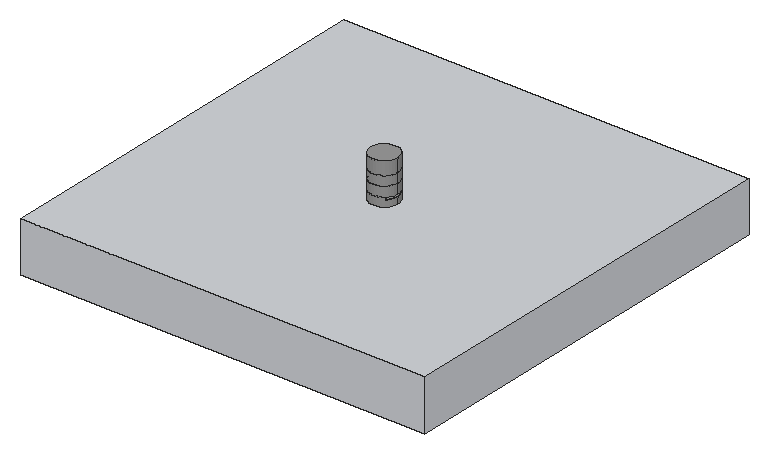
Revit family "LAMP_B-SIDE 360 250", category Luminarias, Revit 2015
Parameters (values of type "451LM 4000 BLACK")
  Ángulo de inclinación = 90.00°
  Weight = 3.62 kg
  Wattage = 10 W
  Type = "COB PHILIPS"
  built-in parameter 1150107 = 4000 (stored number, unit not read)
  built-in parameter 1150110 = 1 (stored number, unit not read)
  built-in parameter 1150109 = 1 (stored number, unit not read)
  built-in parameter 1150112 = 1 (stored number, unit not read)
  built-in parameter 1150113 = 1 (stored number, unit not read)
  built-in parameter 1114218 = 1 (stored number, unit not read)
  Protection rating = "IP65 / IK06"
  Product datasheet = "http://www.lamp.es/product-files/TECH/BS1RD2510840NA-EN.pdf"
  Product code = "BS1RD2510840NA"
  Product URL = "https://www.lamp.es/en/family/b-side_33457"
  Power Supply = "220-240V 50-60Hz"
  Power = 8 W
  Plum = 10 W
  built-in parameter 1150137 = (empty or 0)
  built-in parameter 1150132 = 2
  Modelo = Product code  # "BS1RD2510840NA"
  Material cristal = LAMP_Cristal B-Side Transparente
  Material = LAMP_Aluminio B-Side antracita
  Manufacturer name = "LAMP"
  Manufacturer country = "Spain"
  Manufacturer URL = "http://www.lamp.es/en"
  MacAdam = "3"
  Lámpara = "COB LED"
  Luminaire type = "Outdoor - Beacon"
  Last update = "21/12/2020"
  LED Lifetime = "50000 L90 B10"
  built-in parameter 1150105 = 35.889 (stored number, unit not read)
  built-in parameter 1150102 = (empty or 0)
  Insulation class = "I"
  Installation instructions = "https://www.lamp.es/product-files/INS/1004000-B-INSTR.%20B-SIDE%20LED%20360.pdf"
  built-in parameter 1150106 = 0.35889 (stored number, unit not read)
  IEE = "A++"
  Height = 250 mm
  Gear = "Electronic"
  Lumens = 451 lm
  Finish = "Textured anthracite grey"
  Color Filter = 16777215
  built-in parameter 1114217 = 1 (stored number, unit not read)
  built-in parameter 1150139 = (empty or 0)
  Fabricante = Manufacturer name  # "LAMP"
  Default Elevation = 1219.2 mm
  built-in parameter 1150104 = 4.1899 (stored number, unit not read)
  Efficacy = 45.1 lm/W
  Diameter = 160 mm
  Descripción = "B-SIDE 360º LED 250 1000 NW ANT."
  built-in parameter 1150115 = 1 (stored number, unit not read)
  built-in parameter 1150114 = 1 (stored number, unit not read)
  built-in parameter 1150138 = (empty or 0)
  built-in parameter 1150134 = 3
  Dimming Lamp Color Temperature Shift = (empty or 0)
  CRI = "80"
  Archivo de red fotométrica = "5841344.IES"
  built-in parameter 1150133 = 10 (stored number, unit not read)
Types (2, lengths in mm): name | Product datasheet | Product code | Modelo | Material | Finish | Descripción | Archivo de red fotométrica
  451LM 4000 BLACK | "http://www.lamp.es/product-files/TECH/BS1RD2510840NA-EN.pdf" | "BS1RD2510840NA" | "BS1RD2510840NA" | LAMP_Aluminio B-Side antracita | "Textured anthracite grey" | "B-SIDE 360º LED 250 1000 NW ANT." | "5841344.IES"
  451LM 4000 GREY | "http://www.lamp.es/product-files/TECH/BS1RD2510840NG-EN.pdf" | "BS1RD2510840NG" | "BS1RD2510840NG" | LAMP_Aluminio B-Side gris | "Texturised grey" | "B-SIDE 360º LED 250 1000 NW GR." | "5841343.IES"
Reference planes
  plane 1 "Centro (Frontal/Posterior)": y = 0
  plane 2: z = 0
  plane 3 "Centro (Izquierda/Derecha)": x = 0
Forms (mm)
  Extrusion 1, solid
    sketch origin (0, 0, 0) x (1, 0, 0) y (0, 1, 0)
      loop
        line (-1219.2, 1219.2) -> (-1219.2, -1219.2) -> (1219.2, -1219.2) -> (1219.2, 1219.2) -> (-1219.2, 1219.2)
    from 0 to -304.8
  Extrusion 2, solid, material "LAMP_Aluminio B-Side antracita" <- "Material"
    sketch origin (0, 0, 0) x (1, 0, 0) y (0, 1, 0)
      loop
        circle (0, 0) r 81.4
    from 0 to 53
  Extrusion 3, void
    sketch origin (0, 0, 0) x (1, 0, 0) y (0, 1, 0)
      loop
        arc (-56.09, -58.99) -> (-56.712, -57.566) -> (-56.126, -56.126) r 2
        line (-56.126, -56.126) -> (-42.686, -42.686)
        arc (-42.686, -42.686) -> (-41.305, -42.1) -> (-39.905, -42.64) r 2
        arc (-39.905, -42.64) -> (0, -58.4) -> (39.905, -42.64) r 58.4
        arc (39.905, -42.64) -> (41.305, -42.1) -> (42.686, -42.686) r 2
        line (42.686, -42.686) -> (56.126, -56.126)
        arc (56.126, -56.126) -> (56.712, -57.566) -> (56.09, -58.99) r 2
        arc (56.09, -58.99) -> (81.4, 0) -> (56.09, 58.99) r 81.4
        arc (56.09, 58.99) -> (56.712, 57.566) -> (56.126, 56.126) r 2
        line (56.126, 56.126) -> (42.686, 42.686)
        arc (42.686, 42.686) -> (41.305, 42.1) -> (39.905, 42.64) r 2
        arc (39.905, 42.64) -> (0, 58.4) -> (-39.905, 42.64) r 58.4
        arc (-39.905, 42.64) -> (-41.305, 42.1) -> (-42.686, 42.686) r 2
        line (-42.686, 42.686) -> (-56.126, 56.126)
        arc (-56.126, 56.126) -> (-56.712, 57.566) -> (-56.09, 58.99) r 2
        arc (-56.09, 58.99) -> (-81.4, 0) -> (-56.09, -58.99) r 81.4
    from 38 to 53
  Extrusion 4, solid, material "LAMP_Aluminio B-Side antracita" <- "Material"
    sketch origin (0, 0, 0) x (1, 0, 0) y (0, 1, 0)
      loop
        arc (-19.941, -7.347) -> (-19.723, -7.874) -> (-19.196, -8.093) r 0.745
        line (-19.196, -8.093) -> (-14.656, -8.093)
        arc (-14.656, -8.093) -> (-14.206, -7.948) -> (-13.924, -7.57) r 0.775
        line (-13.924, -7.57) -> (-9.383, 5.625) -> (-4.868, -7.498)
        arc (-4.868, -7.498) -> (-4.603, -7.853) -> (-4.18, -7.988) r 0.727
        line (-4.18, -7.988) -> (-0.911, -7.988)
        arc (-0.911, -7.988) -> (-0.395, -7.775) -> (-0.182, -7.26) r 0.729
        line (-0.182, -7.26) -> (-0.182, 5.708) -> (3.923, 1.603) -> (8.029, 5.708) -> (8.029, -7.385)
        arc (8.029, -7.385) -> (8.236, -7.885) -> (8.736, -8.093) r 0.708
        line (8.736, -8.093) -> (13.813, -8.093)
        arc (13.813, -8.093) -> (14.355, -7.868) -> (14.579, -7.327) r 0.766
        line (14.579, -7.327) -> (14.579, 5.073)
        arc (14.579, 5.073) -> (14.796, 5.597) -> (15.319, 5.813) r 0.74
        line (15.319, 5.813) -> (18.763, 5.813)
        arc (18.763, 5.813) -> (19.302, 5.59) -> (19.525, 5.051) r 0.762
        line (19.525, 5.051) -> (19.525, 2.449)
        arc (19.525, 2.449) -> (19.304, 1.913) -> (18.768, 1.691) r 0.758
        line (18.768, 1.691) -> (15.597, 1.691)
        arc (15.597, 1.691) -> (14.772, 0.867) -> (15.597, 0.043) r 0.824
        line (15.597, 0.043) -> (20.435, 0.043)
        arc (20.435, 0.043) -> (20.958, 0.259) -> (21.174, 0.782) r 0.739
        line (21.174, 0.782) -> (21.174, 6.687)
        arc (21.174, 6.687) -> (20.947, 7.235) -> (20.399, 7.462) r 0.776
        line (20.399, 7.462) -> (13.696, 7.462)
        arc (13.696, 7.462) -> (13.155, 7.238) -> (12.93, 6.696) r 0.766
        line (12.93, 6.696) -> (12.93, -5.699)
        arc (12.93, -5.699) -> (12.706, -6.241) -> (12.164, -6.465) r 0.766
        line (12.164, -6.465) -> (10.468, -6.465)
        arc (10.468, -6.465) -> (9.929, -6.242) -> (9.706, -5.703) r 0.762
        line (9.706, -5.703) -> (9.706, 5.944)
        arc (9.706, 5.944) -> (8.51, 7.607) -> (6.554, 7.001) r 1.753
        line (6.554, 7.001) -> (3.923, 4.37) -> (1.293, 7.001)
        arc (1.293, 7.001) -> (-0.664, 7.607) -> (-1.86, 5.944) r 1.753
        line (-1.86, 5.944) -> (-1.86, -5.517)
        arc (-1.86, -5.517) -> (-2.65, -6.45) -> (-3.7, -5.824) r 0.946
        line (-3.7, -5.824) -> (-7.907, 6.409)
        arc (-7.907, 6.409) -> (-9.383, 7.462) -> (-10.86, 6.409) r 1.561
        line (-10.86, 6.409) -> (-15.109, -5.946)
        arc (-15.109, -5.946) -> (-15.389, -6.322) -> (-15.836, -6.465) r 0.768
        line (-15.836, -6.465) -> (-17.56, -6.465)
        arc (-17.56, -6.465) -> (-18.078, -6.25) -> (-18.293, -5.732) r 0.733
        line (-18.293, -5.732) -> (-18.293, 6.725)
        arc (-18.293, 6.725) -> (-19.117, 7.55) -> (-19.941, 6.725) r 0.824
        line (-19.941, 6.725) -> (-19.941, -7.347)
    from 38 to 39
  Extrusion 5, solid, material "LAMP_Aluminio B-Side antracita" <- "Material"
    sketch origin (0, 0, 0) x (1, 0, 0) y (0, 1, 0)
      loop
        circle (0, 0) r 81.4
    from 171 to 250
  Extrusion 6, solid, material "LAMP_Cristal B-Side Transparente" <- "Material cristal"
    sketch origin (0, 0, 0) x (1, 0, 0) y (0, 1, 0)
      loop
        circle (0, 0) r 81.4
    from 113 to 171
  Extrusion 7, solid, material "LAMP_Aluminio B-Side antracita" <- "Material"
    sketch origin (0, 0, 0) x (1, 0, 0) y (0, 1, 0)
      loop
        circle (0, 0) r 81.4
    from 38 to 113
  Extrusion 8, void
    sketch origin (0, 0, 0) x (1, 0, 0) y (0, 1, 0)
      loop
        arc (-56.09, -58.99) -> (-56.712, -57.566) -> (-56.126, -56.126) r 2
        line (-56.126, -56.126) -> (-42.686, -42.686)
        arc (-42.686, -42.686) -> (-41.305, -42.1) -> (-39.905, -42.64) r 2
        arc (-39.905, -42.64) -> (0, -58.4) -> (39.905, -42.64) r 58.4
        arc (39.905, -42.64) -> (41.305, -42.1) -> (42.686, -42.686) r 2
        line (42.686, -42.686) -> (56.126, -56.126)
        arc (56.126, -56.126) -> (56.712, -57.566) -> (56.09, -58.99) r 2
        arc (56.09, -58.99) -> (81.4, 0) -> (56.09, 58.99) r 81.4
        arc (56.09, 58.99) -> (56.712, 57.566) -> (56.126, 56.126) r 2
        line (56.126, 56.126) -> (42.686, 42.686)
        arc (42.686, 42.686) -> (41.305, 42.1) -> (39.905, 42.64) r 2
        arc (39.905, 42.64) -> (0, 58.4) -> (-39.905, 42.64) r 58.4
        arc (-39.905, 42.64) -> (-41.305, 42.1) -> (-42.686, 42.686) r 2
        line (-42.686, 42.686) -> (-56.126, 56.126)
        arc (-56.126, 56.126) -> (-56.712, 57.566) -> (-56.09, 58.99) r 2
        arc (-56.09, 58.99) -> (-81.4, 0) -> (-56.09, -58.99) r 81.4
    from 39 to 53
  Extrusion 9, void
    sketch origin (0, 0, 0) x (1, 0, 0) y (0, 1, 0)
      loop
        circle (0, 0) r 76.4
    from 113 to 171
Cuts and joins
  Extrusion 8 cuts Extrusion 4
  Extrusion 3, Extrusion 8, Extrusion 9 cuts Extrusion 2
  Extrusion 8, Extrusion 9 cuts Extrusion 7
  joined: Extrusion 2, Extrusion 7
  Extrusion 9 cuts Extrusion 6
  Extrusion 9 cuts Extrusion 5
Text (mm)
  text "Any modification of the parameters and properties of the LAMP BIM models must be executed and validated by the LAMP technical department.\n\nPhone: +34 93 736 68 00\n\nE-mail: lamp@lamp.es\n\n\n\nLAMP reserves the right to modify the technical specifications of its products." at (19217.148, -14743.252, -9581.712), in view "Preview"
Dimensions and locks
  aligned and locked: plane 2 to Extrusion 1
  aligned and locked: level to Extrusion 1
Connectors
  electrical at (0, 0, 0)
    settings: on cut or joined group of Extrusion 2, Extrusion 3, Extrusion 7, Extrusion 8, Extrusion 9, index 1, voltage 230 V, apparent load 0 VA, apparent load phase1 0 VA, apparent load phase2 0 VA, apparent load phase3 0 VA, power factor 1, load classification "Otro", number of poles 1, system type 31, power factor state 1, is connector primary yes, connector utility no, sub classification motor no, connector description ""
